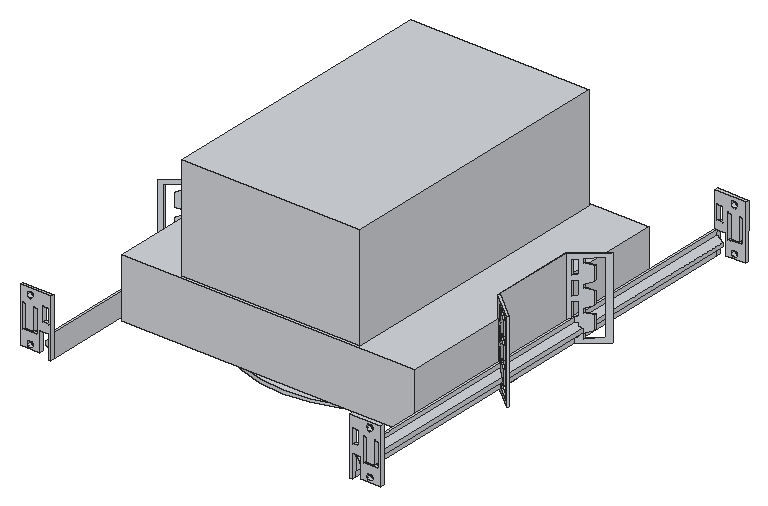
Revit family "Alcon-14135-8-L-Revit-Family", category Lighting Fixtures, host Ceiling, Revit 2021
Family settings
  Host = Ceiling
  Round Connector Dimension = Use Diameter
  Part Type = Normal
  Always vertical = Yes
  Cut with Voids When Loaded = Yes
  Light Source = Yes
  Shared = No
  Room Calculation Point = No
Parameters (values of type "Type 1")
  Wattage = 9.2903 W
  built-in parameter 1150110 = 1 (stored number, unit not read)
  built-in parameter 1114217 = 1 (stored number, unit not read)
  Tilt Angle = 60.00°
  built-in parameter 1150109 = 1 (stored number, unit not read)
  built-in parameter 1150134 = 3
  built-in parameter 1150113 = 1 (stored number, unit not read)
  built-in parameter 1010507 = 1.5708 (stored number, unit not read)
  built-in parameter 1010506 = 0.5236 (stored number, unit not read)
  Reflector = none
  Product Identity = "Alcon Lighting 14135-8-L"
  Manufacturer = "Alcon Light"
  built-in parameter 1150105 = 4614.1 (stored number, unit not read)
  Lumens = 1380 lm
  built-in parameter 1150115 = 1 (stored number, unit not read)
  Link To Product Page = "https://www.alconlighting.com/14135-8-l.html"
  Light Source Symbol Length = 10' - 0"
  Light Source = none
  built-in parameter 1150137 = (empty or 0)
  built-in parameter 1150139 = (empty or 0)
  built-in parameter 1150112 = 1 (stored number, unit not read)
  built-in parameter 1150114 = 1 (stored number, unit not read)
  built-in parameter 1150132 = (empty or 0)
  built-in parameter 1150102 = (empty or 0)
  built-in parameter 1150107 = 3200 (stored number, unit not read)
  built-in parameter 1150138 = (empty or 0)
  built-in parameter 1150106 = 46.141 (stored number, unit not read)
  Housing = none
  built-in parameter 1150104 = 13.8 (stored number, unit not read)
  Lens = none
  Dimming Lamp Color Temperature Shift = <None>
  Default Elevation = 0' - 0"
  Color Filter = 16777215
  built-in parameter 1114218 = 1 (stored number, unit not read)
  built-in parameter 1150133 = 10 (stored number, unit not read)
Reference planes (in)
  plane 1 "Center (Front/Back)": y = 0
  plane 2: z = 0
  plane 3 "Center (Left/Right)": x = 0
  plane 4 "Ceiling": z = 157.48031
Forms (in)
  Revolve 1, solid, material <- "Housing"
    sketch origin (0, 0, 0) x (1, 0, 0) y (0, 0, 1)
      loop
        line (-3.875, 157.37825) -> (-3.875, 158.73993) -> (-3.97656, 158.73993) -> (-3.97656, 157.48031) -> (-4.31988, 157.48031) -> (-4.31988, 157.37825) -> (-3.875, 157.37825)
      axis (0, 157.37825) -> (0, 158.73993)
    angle from 0 to 360
  Revolve 2, solid, material <- "Light Source"
    sketch origin (0, 0, 4.04922) x (1, 0, 0) y (0, 0, 1)
      loop
        line (0, 159.20873) -> (0, 159.40025) -> (-2.90741, 159.40025) -> (-2.90741, 159.20873) -> (0, 159.20873)
      axis (0, 159.20873) -> (0, 159.40025)
    angle from 0 to 360
  Extrusion 3, solid, material <- "Housing"
    sketch origin (0, 0, 157.48031) x (0, 1, 0) y (-1, 0, 0)
      loop
        line (-4.93441, 4.94097) -> (-4.93441, -4.94097) -> (4.93441, -4.94097) -> (4.93441, 4.94097) -> (-4.93441, 4.94097)
      loop
        line (-4.80941, 4.81597) -> (-4.80941, -4.81597) -> (4.80941, -4.81597) -> (4.80941, 4.81597) -> (-4.80941, 4.81597)
    from 0.71933 to 2.53659
  Extrusion 4, solid, material <- "Housing"
    sketch origin (0, 0, 157.48031) x (0, 1, 0) y (-1, 0, 0)
      loop
        line (-4.93441, 4.94097) -> (-4.93441, -4.94097) -> (4.93441, -4.94097) -> (4.93441, 4.94097) -> (-4.93441, 4.94097)
      loop
        circle (0, 0) r 2.90738
    from 2.53659 to 2.61884
  Extrusion 5, solid, material <- "Housing"
    sketch origin (0, 0, 157.48031) x (0, 1, 0) y (-1, 0, 0)
      loop
        line (-4.80941, 3.00347) -> (-4.80941, -2.99653) -> (4.80941, -2.99653) -> (4.80941, 3.00347) -> (-4.80941, 3.00347)
    from 2.61884 to 6.10716
  Extrusion 6, solid, material <- "Housing"
    sketch origin (0, 0, 157.48031) x (0, 1, 0) y (-1, 0, 0)
      loop
        line (-4.93441, 4.94097) -> (-4.93441, -4.94097) -> (4.93441, -4.94097) -> (4.93441, 4.94097) -> (-4.93441, 4.94097)
      loop
        circle (0, 0) r 3.97656
    from 0.63752 to 0.71933
  Extrusion 7, void
    sketch origin (0, 0, 157.48031) x (0, 1, 0) y (-1, 0, 0)
      loop
        circle (0, 0) r 2.90738
    from 2.61884 to 5.96915
  Extrusion 8, solid, material <- "Lens"
    sketch origin (0, 0, 157.48031) x (0, 1, 0) y (-1, 0, 0)
      loop
        circle (0, 0) r 3.97656
    from 1.25962 to 1.38134
  Extrusion 9, solid, material <- "Housing"
    sketch origin (1.67888, 1.85467, 0.19356) x (1, 0, 0) y (0, 0, 1)
      loop
        line (4.39781, 158.03648) -> (4.39781, 159.87663) -> (3.35584, 159.87663) -> (3.35584, 157.92428) -> (3.44441, 157.92428) -> (3.44441, 158.70601) -> (3.73637, 158.70601) -> (3.73637, 158.03648) -> (4.39781, 158.03648)
      loop
        line (3.44441, 158.99543) -> (3.65052, 158.99543) -> (3.65052, 159.49543) -> (3.44441, 159.49543) -> (3.44441, 158.99543)
      loop
        line (4.31618, 158.54453) -> (4.31618, 159.36762) -> (4.20186, 159.36762) -> (4.20186, 158.61762) -> (3.9305, 158.61762) -> (3.9305, 159.36762) -> (3.81618, 159.36762) -> (3.81618, 158.54453) -> (4.31618, 158.54453)
      loop
        circle (4.04182, 159.68118) r 0.11132
      loop
        circle (4.04182, 158.18118) r 0.11132
    from -5.84043 to -5.72106
  Extrusion 10, solid, material <- "Housing"
    sketch origin (2.73206, -0.39533, 0) x (1, 0, 0) y (0, 0, 1)
      loop
        line (2.32609, 158.89957) -> (2.32609, 158.11784) -> (2.39122, 158.11784) -> (2.39122, 158.32322) -> (2.56408, 158.44426) -> (2.56408, 158.58056) -> (2.39122, 158.75342) -> (2.39122, 158.89957) -> (2.32609, 158.89957)
    from -7.97106 to 7.26645
  Extrusion 11, solid, material <- "Housing"
    sketch origin (1.67888, -13.50221, 0.19356) x (1, 0, 0) y (0, 0, 1)
      loop
        line (4.39781, 158.03648) -> (4.39781, 159.87663) -> (3.35584, 159.87663) -> (3.35584, 157.92428) -> (3.44441, 157.92428) -> (3.44441, 158.70601) -> (3.73637, 158.70601) -> (3.73637, 158.03648) -> (4.39781, 158.03648)
      loop
        line (3.44441, 158.99543) -> (3.65052, 158.99543) -> (3.65052, 159.49543) -> (3.44441, 159.49543) -> (3.44441, 158.99543)
      loop
        line (4.31618, 158.54453) -> (4.31618, 159.36762) -> (4.20186, 159.36762) -> (4.20186, 158.61762) -> (3.9305, 158.61762) -> (3.9305, 159.36762) -> (3.81618, 159.36762) -> (3.81618, 158.54453) -> (4.31618, 158.54453)
      loop
        circle (4.04182, 159.68118) r 0.11132
      loop
        circle (4.04182, 158.18118) r 0.11132
    from -5.84043 to -5.72106
  Extrusion 12, solid
    sketch origin (0, 0, 157.48031) x (0, 1, 0) y (-1, 0, 0)
      loop
        line (2.22574, -5.88598) -> (1.43278, -4.94097) -> (-1.43278, -4.94097) -> (-2.22574, -5.88598) -> (-2.19791, -5.91382) -> (-1.39672, -4.959) -> (1.39672, -4.959) -> (2.19791, -5.91382) -> (2.22574, -5.88598)
    from 0.63752 to 3.35606
  Extrusion 13, void
    sketch origin (0, 0, 0) x (1, 0, 0) y (0, 0, 1)
      loop
        line (5.3215, 158.2703) -> (5.77462, 158.2703) -> (5.77462, 160.71441) -> (5.3215, 160.71441) -> (5.3215, 160.56029) -> (5.54808, 160.45463) -> (5.54808, 160.0117) -> (5.3215, 159.92923) -> (5.3215, 159.80004) -> (5.54808, 159.69438) -> (5.54808, 159.29033) -> (5.3215, 159.18467) -> (5.3215, 159.05548) -> (5.54808, 158.97301) -> (5.54808, 158.53008) -> (5.3215, 158.42442) -> (5.3215, 158.2703)
      loop
        line (5.23014, 160.18684) -> (5.23014, 160.66763) -> (5.084, 160.66763) -> (5.084, 160.18684) -> (5.23014, 160.18684)
      loop
        line (5.23014, 159.55205) -> (5.23014, 160.03284) -> (5.084, 160.03284) -> (5.084, 159.55205) -> (5.23014, 159.55205)
      loop
        line (5.23014, 158.91726) -> (5.23014, 159.39805) -> (5.084, 159.39805) -> (5.084, 158.91726) -> (5.23014, 158.91726)
      loop
        line (5.23014, 158.28246) -> (5.23014, 158.76325) -> (5.084, 158.76325) -> (5.084, 158.28246) -> (5.23014, 158.28246)
    from -2.16392 to 2.22574
  Extrusion 14, solid, material <- "Housing"
    sketch origin (-1.67888, 1.85467, 0.19356) x (-1, 0, 0) y (0, 0, -1)
      loop
        line (4.39781, -158.03648) -> (3.73637, -158.03648) -> (3.73637, -158.70601) -> (3.44441, -158.70601) -> (3.44441, -157.92428) -> (3.35584, -157.92428) -> (3.35584, -159.87663) -> (4.39781, -159.87663) -> (4.39781, -158.03648)
      loop
        line (3.44441, -158.99543) -> (3.44441, -159.49543) -> (3.65052, -159.49543) -> (3.65052, -158.99543) -> (3.44441, -158.99543)
      loop
        line (4.31618, -158.54453) -> (3.81618, -158.54453) -> (3.81618, -159.36762) -> (3.9305, -159.36762) -> (3.9305, -158.61762) -> (4.20186, -158.61762) -> (4.20186, -159.36762) -> (4.31618, -159.36762) -> (4.31618, -158.54453)
      loop
        circle (4.04182, -159.68118) r 0.11132
      loop
        circle (4.04182, -158.18118) r 0.11132
    from -5.84043 to -5.72106
  Extrusion 15, solid, material <- "Housing"
    sketch origin (-2.73206, -0.39533, 0) x (-1, 0, 0) y (0, 0, -1)
      loop
        line (2.32609, -158.89957) -> (2.39122, -158.89957) -> (2.39122, -158.75342) -> (2.56408, -158.58056) -> (2.56408, -158.44426) -> (2.39122, -158.32322) -> (2.39122, -158.11784) -> (2.32609, -158.11784) -> (2.32609, -158.89957)
    from -7.97106 to 7.26645
  Extrusion 16, solid, material <- "Housing"
    sketch origin (-1.67888, -13.50221, 0.19356) x (-1, 0, 0) y (0, 0, -1)
      loop
        line (4.39781, -158.03648) -> (3.73637, -158.03648) -> (3.73637, -158.70601) -> (3.44441, -158.70601) -> (3.44441, -157.92428) -> (3.35584, -157.92428) -> (3.35584, -159.87663) -> (4.39781, -159.87663) -> (4.39781, -158.03648)
      loop
        line (3.44441, -158.99543) -> (3.44441, -159.49543) -> (3.65052, -159.49543) -> (3.65052, -158.99543) -> (3.44441, -158.99543)
      loop
        line (4.31618, -158.54453) -> (3.81618, -158.54453) -> (3.81618, -159.36762) -> (3.9305, -159.36762) -> (3.9305, -158.61762) -> (4.20186, -158.61762) -> (4.20186, -159.36762) -> (4.31618, -159.36762) -> (4.31618, -158.54453)
      loop
        circle (4.04182, -159.68118) r 0.11132
      loop
        circle (4.04182, -158.18118) r 0.11132
    from -5.84043 to -5.72106
  Extrusion 17, solid
    sketch origin (0, 0, 157.48031) x (0, -1, 0) y (1, 0, 0)
      loop
        line (-2.22574, -5.88598) -> (-2.19791, -5.91382) -> (-1.39672, -4.959) -> (1.39672, -4.959) -> (2.19791, -5.91382) -> (2.22574, -5.88598) -> (1.43278, -4.94097) -> (-1.43278, -4.94097) -> (-2.22574, -5.88598)
    from 0.63752 to 3.35606
  Extrusion 18, void
    sketch origin (0, 0, 0) x (-1, 0, 0) y (0, 0, -1)
      loop
        line (5.3215, -158.2703) -> (5.3215, -158.42442) -> (5.54808, -158.53008) -> (5.54808, -158.97301) -> (5.3215, -159.05548) -> (5.3215, -159.18467) -> (5.54808, -159.29033) -> (5.54808, -159.69438) -> (5.3215, -159.80004) -> (5.3215, -159.92923) -> (5.54808, -160.0117) -> (5.54808, -160.45463) -> (5.3215, -160.56029) -> (5.3215, -160.71441) -> (5.77462, -160.71441) -> (5.77462, -158.2703) -> (5.3215, -158.2703)
      loop
        line (5.23014, -160.18684) -> (5.084, -160.18684) -> (5.084, -160.66763) -> (5.23014, -160.66763) -> (5.23014, -160.18684)
      loop
        line (5.23014, -159.55205) -> (5.084, -159.55205) -> (5.084, -160.03284) -> (5.23014, -160.03284) -> (5.23014, -159.55205)
      loop
        line (5.23014, -158.91726) -> (5.084, -158.91726) -> (5.084, -159.39805) -> (5.23014, -159.39805) -> (5.23014, -158.91726)
      loop
        line (5.23014, -158.28246) -> (5.084, -158.28246) -> (5.084, -158.76325) -> (5.23014, -158.76325) -> (5.23014, -158.28246)
    from -2.16392 to 2.22574
Cuts and joins
  joined: Extrusion 3, Extrusion 4, Extrusion 6
  Extrusion 7 cuts Extrusion 5
  Extrusion 13, Extrusion 18 cuts Extrusion 12
  Extrusion 18 cuts Extrusion 10
  Extrusion 18 cuts Extrusion 15
  Extrusion 18 cuts Extrusion 17
Dimensions and locks (in)
  equal spacing: host sketch curve, plane 3 "Center (Left/Right)", host sketch curve
  equal spacing: host sketch curve, plane 1 "Center (Front/Back)", host sketch curve
  host sketch curve to host sketch curve = 13' - 1.48031"  (x2)
  plane 4 "Ceiling" to host ceiling = 0' - 0"
